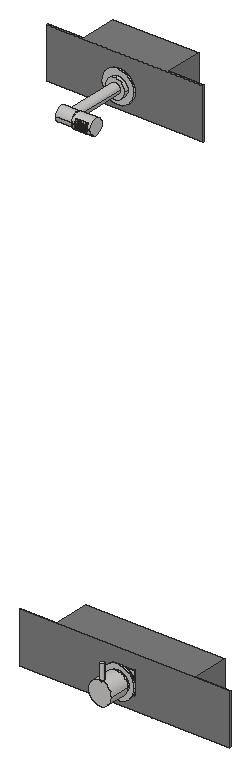
Revit family "2281", category Plumbing Fixtures, Revit 2021
Family settings
  Round Connector Dimension = Use Diameter
  Part Type = Normal
  Work Plane-Based = No
  Always vertical = Yes
  Cut with Voids When Loaded = No
  Shared = No
  Room Calculation Point = No
Parameters
  e-mail = "info@vola.com"
  URL = "http://vola.com"
  Telephone = "+45 7023 5500"
  Shower Head Height = 2100.00 mm
  Quality management standard = "ISO 9001"
  Organisation no. / DUNS no. = "17531328"
  Occupational health and safety management standard = "ISO 18001"
  Mounting Instructions = "http://vola.com/service/producturl.ashx?name=2281"
  Model = "2281"
  Mixer Offset [instance] = 12.00 mm
  Mixer = yes
  Materials and components information = "http://vola.com/service/producturl.ashx?name=2281"
  Manufacturer = "VOLA A/S"
  Maintenance Instructions = "http://vola.com/service/producturl.ashx?name=2281"
  Handle Height = 1100.00 mm
  Guarantee = "2 years"
  Flow = "12,00 l/min"
  Environmental management standard = "ISO 14000"
  Default Elevation = 0.00 mm
  Connection - All relevant connections = "½\" for water connection"
  Approvals = "http://vola.com/service/producturl.ashx?name=2281"
Reference planes
  plane 1 "Center (Front/Back)": y = 0
  plane 2: z = 0
  plane 3 "Center (Left/Right)": x = 0
  plane 4 "Mixer plane": y = 12
  plane 5: z = 1100
  plane 6 "Wall Surface": y = 0
  plane 7: z = 2100
Forms (mm)
  Extrusion 1, solid, material "Stainless Steel", visible <- "Mixer"
    sketch origin (-21, 11.3, 1121) x (-1, 0, 0) y (0, 0, -1)
      loop
        circle (-21, 21) r 19.5
    from 0 to 11.3
  Extrusion 2, solid, material "Stainless Steel", visible <- "Mixer"
    sketch origin (16.5, 11.5, 2100) x (0, 0, 1) y (-1, 0, 0)
      loop
        circle (0, 16.5) r 16.5
    from 0 to 11.5
Dimensions and locks
  "Mixer Offset": plane 4 "Mixer plane" to plane 1 "Center (Front/Back)"
  "Handle Height": plane 5 to level
  "Shower Head Height": plane 7 to level
  aligned and locked: plane 2 to level
  aligned and locked: nested 3 to plane 4 "Mixer plane"
  aligned and locked: plane 1 "Center (Front/Back)" to nested 2
  aligned and locked: plane 1 "Center (Front/Back)" to Extrusion 1
  aligned and locked: plane 5 to nested 3
  aligned and locked: nested 4 to plane 5
  aligned and locked: plane 5 to nested 1  (x2)
  aligned and locked: plane 7 to nested 5
  aligned and locked: plane 7 to nested 2
  aligned and locked: Extrusion 2 to plane 6 "Wall Surface"
Automatic sketch dimensions
  Extrusion 1 sketch curve to nested 3 = 21.00 mm  (x2)
  radius of Extrusion 1 sketch curve = 19.50 mm
  radius of Extrusion 2 sketch curve to nested 5 = 0.00 mm
Nested families
  nested 1: "NR21" at (0, -2, 1100), type "NR21"
  nested 2: "080" at (0, 0, 2100), type "080"
  nested 3: "2200" at (0, 82.5, 1030), visible <- "Mixer", type "2200"
  nested 4: "2001" at (0, 0, 1100) x (1, 0, 0) z (0, -1, 0), type "2001"
  nested 5: "200M" at (0, 12, 2100) x (1, 0, 0) z (0, 1, 0), visible <- "Mixer", type "200M"
Connectors
  piping at (27, 57.5, 1030), diameter 28
    settings: on nested 3, index 3, connector inside diameter 1.10236", connector length 0.00 mm, flow factor 0, pipe flow 0 GPM, pressure drop 0.00 psi, fitting loss kfactor 0, connector angle 0.00°, fixture units 0, engagement length 0.00 mm, angle of deflection 0.00°, flow configuration 0, flow direction 1, fitting loss method 0, system type 20, joint type 0, gender type 0, connector reference index -1, connector utility 0, adjustable connector no, is connector primary yes, connector description ""
  piping at (-27, 57.5, 1030), diameter 28
    settings: on nested 3, index 4, connector inside diameter 1.10236", connector length 0.00 mm, flow factor 0, pipe flow 0 GPM, pressure drop 0.00 psi, fitting loss kfactor 0, connector angle 0.00°, fixture units 0, engagement length 0.00 mm, angle of deflection 0.00°, flow configuration 0, flow direction 1, fitting loss method 0, system type 19, joint type 0, gender type 0, connector reference index -1, connector utility 0, adjustable connector no, is connector primary no, connector description ""
Definition of nested family "NR21"
  Parameters
    e-mail = "info@vola.com"
    URL = "http://vola.com"
    Telephone = "+45 7023 5500"
    Quality management standard = "ISO 9001"
    Organisation no. / DUNS no. = "17531328"
    Occupational health and safety management standard = "ISO 18001"
    Mounting Instructions = "http://vola.com/service/producturl.ashx?name=NR21"
    Model = "NR21"
    Materials and components information = "http://vola.com/service/producturl.ashx?name=NR21"
    Manufacturer = "VOLA A/S"
    Maintenance Instructions = "http://vola.com/service/producturl.ashx?name=NR21"
    Guarantee = "2 years"
    Environmental management standard = "ISO 14000"
    Default Elevation = 0.00 mm
    Connection - All relevant connections = ""
    Approvals = "http://vola.com/service/producturl.ashx?name=NR21"
  Reference planes
    plane 1 "Center (Front/Back)": y = 0
    plane 2: z = 0
    plane 3 "Center (Left/Right)": x = 0
  Forms (mm)
    Extrusion 1, solid
      sketch origin (0, 0, 0) x (1, 0, 0) y (0, 0, 1)
        loop
          circle (0, 0) r 21.5
      from 5 to 42.5
    Extrusion 2, solid
      sketch origin (0, -2, 0) x (0, -1, 0) y (1, 0, 0)
        loop
          circle (34.5, 0) r 3.5
      from 0 to 47.5
    Extrusion 3, solid
      sketch origin (0, 0, 0) x (1, 0, 0) y (0, 0, 1)
        loop
          circle (0, 0) r 20
      from 0 to 5
  Cuts and joins
    joined: Extrusion 1, Extrusion 2
  Lines and regions (mm)
    model lines
      curve 1: line (-6.05, -42.5, 20.663) -> (-6.05, -42.5, -20.663)
      curve 2: line (6.05, -42.5, 20.663) -> (6.05, -42.5, -20.663)
  Dimensions and locks
    aligned and locked: plane 2 to level
Definition of nested family "080"
  Parameters
    e-mail = "info@vola.com"
    URL = "http://vola.com"
    Telephone = "+45 7023 5500"
    Quality management standard = "ISO 9001"
    Organisation no. / DUNS no. = "17531328"
    Occupational health and safety management standard = "ISO 18001"
    Mounting Instructions = "http://vola.com/service/producturl.ashx?name=080"
    Model = "080"
    Materials and components information = "http://vola.com/service/producturl.ashx?name=080"
    Manufacturer = "VOLA A/S"
    Maintenance Instructions = "http://vola.com/service/producturl.ashx?name=080"
    Guarantee = "2 years"
    Flow = "14,00 l/min"
    Environmental management standard = "ISO 14000"
    Default Elevation = 0.00 mm
    Connection - All relevant connections = ""
    Approvals = "http://vola.com/service/producturl.ashx?name=080"
  Reference planes
    plane 1 "Center (Front/Back)": y = 0
    plane 2: z = 0
    plane 3 "Center (Left/Right)": x = 0
    plane 4: x = 42.5
  Forms (mm)
    Extrusion 1, solid
      sketch origin (0, -0.5, 0) x (1, 0, 0) y (0, 0, 1)
        loop
          circle (0, 0) r 30
      from -0.5 to 1.5
    Extrusion 2, solid
      sketch origin (0, -2, 0) x (1, 0, 0) y (0, 0, 1)
        loop
          circle (0, 0) r 18
      from 0 to 7
    Extrusion 3, solid
      sketch origin (0, -9, 0) x (1, 0, 0) y (0, 0, 1)
        loop
          circle (0, 0) r 9.5
      from 0 to 108
    Extrusion 4, solid
      sketch origin (0, 0.25, 0) x (0, 1, 0) y (0, 0, 1)
        loop
          circle (-116.5, 0) r 13
      from -15 to 15
    Extrusion 5, solid
      sketch origin (15, 0.25, 0) x (0, 1, 0) y (0, 0, 1)
        loop
          circle (-116.5, 0) r 13.75
      from 0 to 35
    Extrusion 6, solid
      sketch origin (9.158, -130.336, 4.898) x (0, 0.121869, 0.992546) y (-1, 0, 0)
        loop
          circle (-0.95, -33.342) r 1.25
        loop
          circle (-0.95, -28.342) r 1.25
        loop
          circle (-0.95, -23.342) r 1.25
        loop
          circle (-0.95, -18.342) r 1.25
        loop
          circle (-0.95, -13.342) r 1.25
      from 0 to -2
    Extrusion 7, solid
      sketch origin (-0.5, -128.863, 8.583) x (0, 0.241922, 0.970296) y (-1, 0, 0)
        loop
          circle (-0.95, -43) r 1.25
        loop
          circle (-0.95, -38) r 1.25
        loop
          circle (-0.95, -33) r 1.25
        loop
          circle (-0.95, -28) r 1.25
        loop
          circle (-0.95, -23) r 1.25
      from -0.25 to -2
    Extrusion 8, solid
      sketch origin (-0.5, -131.25, 0.95) x (0, 0, 1) y (-1, 0, 0)
        loop
          circle (-0.95, -43) r 1.25
        loop
          circle (-0.95, -38) r 1.25
        loop
          circle (-0.95, -33) r 1.25
        loop
          circle (-0.95, -28) r 1.25
        loop
          circle (-0.95, -23) r 1.25
      from -0.25 to -2
    Extrusion 9, solid
      sketch origin (9.158, -130.336, -4.898) x (0, 0.121869, -0.992546) y (1, 0, 0)
        loop
          circle (-0.95, 33.342) r 1.25
        loop
          circle (-0.95, 28.342) r 1.25
        loop
          circle (-0.95, 23.342) r 1.25
        loop
          circle (-0.95, 18.342) r 1.25
        loop
          circle (-0.95, 13.342) r 1.25
      from 0 to -2
    Extrusion 10, solid
      sketch origin (-0.5, -128.863, -8.583) x (0, 0.241922, -0.970296) y (1, 0, 0)
        loop
          circle (-0.95, 43) r 1.25
        loop
          circle (-0.95, 38) r 1.25
        loop
          circle (-0.95, 33) r 1.25
        loop
          circle (-0.95, 28) r 1.25
        loop
          circle (-0.95, 23) r 1.25
      from -0.25 to -2
  Cuts and joins
    joined: Extrusion 3, Extrusion 4
    joined: Extrusion 5, Extrusion 6, Extrusion 7, Extrusion 8, Extrusion 9, Extrusion 10
  Dimensions and locks
    aligned and locked: plane 2 to level
Definition of nested family "2200"
  Parameters
    e-mail = "info@vola.com"
    URL = "http://vola.com"
    Telephone = "+45 7023 5500"
    Quality management standard = "ISO 9001"
    Organisation no. / DUNS no. = "17531328"
    Occupational health and safety management standard = "ISO 18001"
    Mounting Instructions = "http://vola.com/service/producturl.ashx?name=2200"
    Model = "2200"
    Materials and components information = "http://vola.com/service/producturl.ashx?name=2200"
    Manufacturer = "VOLA A/S"
    Maintenance Instructions = "http://vola.com/service/producturl.ashx?name=2200"
    Guarantee = "2 years"
    Flow = "25,00 l/min"
    Environmental management standard = "ISO 14000"
    Default Elevation = 0.00 mm
    Connection - All relevant connections = ""
    Approvals = "http://vola.com/service/producturl.ashx?name=2200"
  Reference planes
    plane 1 "Center (Front/Back)": y = 0
    plane 2: z = 0
    plane 3 "Center (Left/Right)": x = 0
    plane 4 "Front Plane": y = -72.5
    plane 5 "Inlet Center Plane": y = -25
    plane 6: z = 70
  Forms (mm)
    Extrusion 1, solid
      sketch origin (1071.5, -2.5, 1) x (-1, 0, 0) y (0, 0, -1)
        loop
          line (1092.5, -90) -> (1092.5, -48) -> (1050.5, -48) -> (1050.5, -90) -> (1092.5, -90)
      from 68 to 68.7
    Extrusion 2, solid
      sketch origin (0, 0, 1) x (1, 0, 0) y (0, 1, 0)
        loop
          line (-127.5, 0) -> (-127.5, -68) -> (132.5, -68) -> (132.5, 0) -> (-127.5, 0)
      from 21.5 to 116.5
    Extrusion 3, solid
      sketch origin (0, 0, 22.5) x (0, 1, 0) y (1, 0, 0)
        loop
          circle (-25, 27) r 14
      from 0 to 22.5
    Extrusion 4, solid
      sketch origin (-54, 0, 22.5) x (0, 1, 0) y (1, 0, 0)
        loop
          circle (-25, 27) r 14
      from 0 to 22.5
    Extrusion 5, solid
      sketch origin (0, 0, 0) x (1, 0, 0) y (0, 1, 0)
        loop
          line (-195, -68) -> (-195, -70.5) -> (197.5, -70.5) -> (197.5, -68) -> (-195, -68)
      from 22.5 to 117.5
  Cuts and joins
    joined: Extrusion 2, Extrusion 5
  Lines and regions (mm)
    reference lines
      curve 1: line (0, -25, 70) -> (0, -122.5, 70)
      curve 2: line (-27, -25, 70) -> (-27, -25, -29)
      curve 3: line (27, -25, 70) -> (27, -25, -29)
      curve 4: line (0, -25, 70) -> (0, -25, 169)
  Dimensions and locks
    aligned and locked: plane 2 to level
    aligned and locked: plane 6 to curve 3
    aligned and locked: plane 6 to curve 2
    aligned and locked: Extrusion 2 to Extrusion 5
    aligned and locked: Extrusion 5 to Extrusion 2
Definition of nested family "2001"
  Parameters
    e-mail = "info@vola.com"
    URL = "http://vola.com"
    Telephone = "+45 7023 5500"
    Quality management standard = "ISO 9001"
    Organisation no. / DUNS no. = "17531328"
    Occupational health and safety management standard = "ISO 18001"
    Mounting Instructions = "http://vola.com/service/producturl.ashx?name=2001"
    Model = "2001"
    Materials and components information = "http://vola.com/service/producturl.ashx?name=2001"
    Manufacturer = "VOLA A/S"
    Maintenance Instructions = "http://vola.com/service/producturl.ashx?name=2001"
    Guarantee = "2 years"
    Environmental management standard = "ISO 14000"
    Default Elevation = 1219.20 mm
    Connection - All relevant connections = ""
    Approvals = "http://vola.com/service/producturl.ashx?name=2001"
  Reference planes
    plane 1 "Center (Front/Back)": y = 0
    plane 2: z = 0
    plane 3 "Center (Left/Right)": x = 0
  Forms (mm)
    Extrusion 1, solid
      sketch origin (0, 0, 0) x (1, 0, 0) y (0, 1, 0)
        loop
          circle (0, 0) r 19.5
        loop
          circle (0, 0) r 30
      from 0 to 2
  Dimensions and locks
    aligned and locked: plane 2 to level
Definition of nested family "200M"
  Parameters
    e-mail = "info@vola.com"
    URL = "http://vola.com"
    Telephone = "+45 7023 5500"
    Quality management standard = "ISO 9001"
    Organisation no. / DUNS no. = "17531328"
    Occupational health and safety management standard = "ISO 18001"
    Mounting Instructions = "http://vola.com/service/producturl.ashx?name=200M"
    Model = "200M"
    Materials and components information = "http://vola.com/service/producturl.ashx?name=200M"
    Manufacturer = "VOLA A/S"
    Maintenance Instructions = "http://vola.com/service/producturl.ashx?name=200M"
    Guarantee = "2 years"
    Environmental management standard = "ISO 14000"
    Default Elevation = 1219.20 mm
    Connection - All relevant connections = ""
    Approvals = "http://vola.com/service/producturl.ashx?name=200M"
  Reference planes
    plane 1 "Center (Front/Back)": y = 0
    plane 2: z = 0
    plane 3 "Center (Left/Right)": x = 0
  Forms (mm)
    Extrusion 1, solid
      sketch origin (0, 69, 70.5) x (1, 0, 0) y (0, 0, 1)
        loop
          line (-77.5, 1) -> (-77.5, -68) -> (82.5, -68) -> (82.5, 1) -> (-77.5, 1)
      from 21.5 to 116.5
    Extrusion 2, solid
      sketch origin (0, 69, 70.5) x (1, 0, 0) y (0, 0, 1)
        loop
          line (-145, -68) -> (-145, -70.5) -> (147.5, -70.5) -> (147.5, -68) -> (-145, -68)
      from 21.5 to 116.5
    Extrusion 3, solid
      sketch origin (1071.5, 69, 68) x (0, 1, 0) y (1, 0, 0)
        loop
          circle (-69, -1071.5) r 16.5
      from 68 to 68.5
  Cuts and joins
    joined: Extrusion 1, Extrusion 2
  Lines and regions (mm)
    reference lines
      curve 1: line (0, 0, -0.5) -> (0, 0, -20.5)
      curve 2: line (0, 0, 27.5) -> (0, -99, 27.5)
      curve 3: line (0, 0, 38) -> (0, 99, 38)
  Dimensions and locks
    aligned and locked: plane 2 to level
    aligned and locked: Extrusion 2 to Extrusion 1  (x2)
